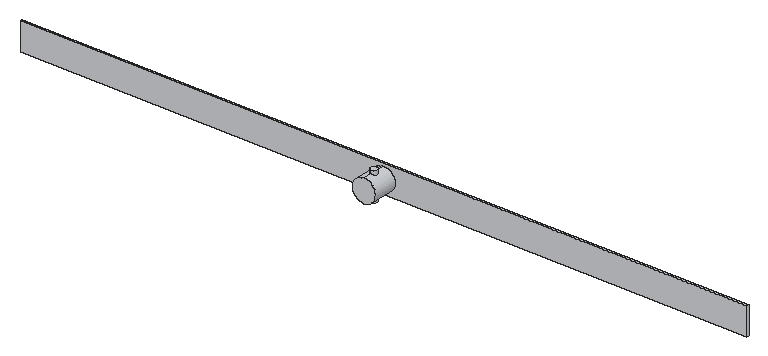
Revit family "KG_Anschlusseinheit_V1700", category Kommunikationsgeräte, Revit 2017
Family settings
  Beschriftungsausrichtung beibehalten = Nein
  Bemaßung runder Anschluss = Durchmesser verwenden
  Teiletyp = Normal
  OmniClass-Nummer = 23.85.00.00
  OmniClass-Titel = Information and Communication
  Arbeitsebenenbasiert = Nein
  Immer vertikal = Ja
  Beim Laden mit Abzugskörper schneiden = Nein
  Gemeinsam genutzt = Nein
  Raumberechnungspunkt = Nein
Parameters (values of type "ELA")
  pbr_Material_KZ = ""
  pbr_Material = none
  pbr_E_Typ = ""
  pbr_E_KZ = ""
  pbr_DINBild = 0
  pbr_Bild = 0
  pbr_3Dx_Delta_Korrekturversatz [instance] = 0 mm
  pbr_3DX_Versatzfaktor [instance] = 0
  pbr_2DY_Versatzfaktor [instance] = 0
  pbr_2DX_Versatzfaktor [instance] = 0
  lfd_STRK [instance] = 0
  cpiFitMatchKey [instance] = "E-LI-RU"
  Zentrale [instance] = ""
  Typ [instance] = ""
  Text3 [instance] = ""
  Text2 [instance] = ""
  Text1 [instance] = ""
  Taster D = 60 mm
  Planungsbüro Rohling = "www.pbr.de"
  Netzart = ""
  Menge(Dosenzahl) [instance] = 0
  Linie/Anschluss [instance] = ""
  Linie [instance] = ""
  Lastklassifizierung = none
  Installationsart [instance] = ""
  Info [instance] = ""
  Gewerk [instance] = "ELA"
  Eckversatz [instance] = 0 mm
  YFrontversatz [instance] = if(pbr_2DY_Versatzfaktor = 300, 0 mm, pbr_2DY_Versatzfaktor * 300 mm)  # 0 mm
  XSeitenversatz [instance] = if(pbr_2DX_Versatzfaktor = 0, 3000 mm, 3000 mm + (pbr_2DX_Versatzfaktor * 300 mm)) + Eckversatz  # 3000 mm
  X3DVersatz [instance] = if([3DX_Versatzkontrolle] = 0, 2000 mm, 2000 mm + ([3DX_Versatzkontrolle] * (300 mm - Breite))) + pbr_3Dx_Delta_Korrekturversatz  # 2000 mm
  R_Leerrohranschluss = 10 mm
  Niveau [instance] = 300 mm
  Dosentiefe = 70 mm  # constant formula
  Dosenradius = 65 mm / 2  # 32.5 mm
  D_Leerrohranschluss = 2 * R_Leerrohranschluss  # 20 mm
  Bus [instance] = ""
  Breite [instance] = 80 mm
  Betriebsstrom ruhe [instance] = 0
  Betriebsstrom max [instance] = 0
  Anschlusseinheit = yes
  3DX_Versatzkontrolle [instance] = if(pbr_3DX_Versatzfaktor = 0, (pbr_2DX_Versatzfaktor * -1), (((-1 * pbr_3DX_Versatzfaktor) + pbr_2DX_Versatzfaktor) * -1))  # 0
Types (2, lengths in mm): name | Gewerk | Niveau
  ELA | "ELA" | 300
  SPA | "SPA" | 1100
Reference planes
  plane 1 "Mitte (Vorne/Hinten)": y = 0
  plane 2: z = 0
  plane 3 "Mitte (Links/Rechts)": x = 0
  plane 4: x = -125
  plane 5: x = 125
  plane 6: x = 0
  plane 7: z = 340
  plane 8: z = 260
  plane 9 "SchalterVorne": y = 5
  plane 10 "3D Schaltermitte-z": x = 0
  plane 11 "3D Schaltermitte-x": z = 300
  plane 12: y = -70
  plane 13: y = -35
  plane 14: y = 12.5
  plane 15: y = -35
Forms (mm)
  Extrusion 1, solid
    sketch origin (0, 20, 0) x (0, 0, 1) y (-1, 0, 0)
      loop
        line (260, 1040) -> (260, -1040) -> (340, -1040) -> (340, 1040) -> (260, 1040)
    from 15 to 20
  Sweep 2, solid
    path origin (0, 0, 0) x (0, 0, 1) y (0, -1, 0)
      loop
        line (300, 0) -> (300, 70)
    profile origin (0, -35, 300) x (0, 0, -1) y (1, 0, 0)
      loop
        circle (0, 0) r 32.5
  Sweep 3, solid
    path origin (0, 0, 0) x (0, 0, 1) y (0, -1, 0)
      loop
        line (260, 35) -> (340, 35)
    profile origin (0, -35, 300) x (0, -1, 0) y (1, 0, 0)
      loop
        circle (0, 0) r 10
  Sweep 4, solid
    path origin (0, 0, 300) x (-1, 0, 0) y (0, -1, 0)
      loop
        line (0, -5) -> (0, -12.5)
    profile origin (0, 8.75, 300) x (-1, 0, 0) y (0, 0, 1)
      loop
        circle (0, 0) r 30
Cuts and joins
  joined: Sweep 2, Sweep 3
Lines and regions (mm)
  model lines, not visible
    curve 1: line (-125, 300, 0) -> (-125, 0, 0)
    curve 2: line (125, 0, 0) -> (125, 300, 0)
Dimensions and locks
  plane 4 to plane 5 = 250 mm
  equal spacing: plane 4, plane 6, plane 5, locked at 125 each
  plane 7 to plane 8 = 80 mm
  equal spacing: plane 7, plane 11 "3D Schaltermitte-x", plane 8
  "Niveau": plane 11 "3D Schaltermitte-x" to level
  "Dosentiefe": plane 1 "Mitte (Vorne/Hinten)" to plane 12
  plane 9 "SchalterVorne" to plane 1 "Mitte (Vorne/Hinten)" = 5 mm
  equal spacing: plane 12, plane 13, plane 1 "Mitte (Vorne/Hinten)"
  plane 9 "SchalterVorne" to plane 14 = 7.5 mm
  "YFrontversatz": plane 15 to plane 13
  "Dosenradius": radius of Sweep 2 sketch curve
  "R_Leerrohranschluss": radius of Sweep 3 sketch curve
  "Taster D": diameter of Sweep 4 sketch curve
  aligned and locked: level to plane 2
  aligned and locked: curve 1 to plane 4
  aligned and locked: plane 5 to curve 2
  aligned and locked: Extrusion 1 sketch curve to plane 8
  aligned and locked: Extrusion 1 sketch curve to plane 7
  aligned and locked: plane 1 "Mitte (Vorne/Hinten)" to Extrusion 1
  aligned and locked: Extrusion 1 to plane 9 "SchalterVorne"
  aligned and locked: plane 14 to Sweep 4 sketch curve
  aligned and locked: plane 9 "SchalterVorne" to Sweep 4 sketch curve
Automatic sketch dimensions
  Sweep 2 sketch curve to plane 11 "3D Schaltermitte-x" = 0 mm
  Sweep 2 sketch curve to plane 1 "Mitte (Vorne/Hinten)" = 0 mm
  Sweep 2 sketch curve to plane 12 = 0 mm
  Sweep 3 sketch curve to plane 8 = 0 mm
  plane 7 to Sweep 3 sketch curve = 0 mm
  Sweep 3 sketch curve to plane 13 = 0 mm
  Sweep 2 sketch curve to plane 10 "3D Schaltermitte-z" = 0 mm
  Sweep 2 sketch curve to profile plane = 0 mm
  Sweep 3 sketch curve to plane 10 "3D Schaltermitte-z" = 0 mm
  Sweep 3 sketch curve to profile plane = 0 mm
  Sweep 4 sketch curve to plane 10 "3D Schaltermitte-z" = 0 mm
  curve 1 to curve 2 = 0 mm
  plane 15 to curve 2 = 335 mm
  plane 15 to curve 2 = 35 mm
  plane 15 to curve 1 = 35 mm
  plane 5 to Extrusion 1 sketch curve = 915 mm
  Extrusion 1 sketch curve to plane 4 = 915 mm
  Sweep 4 sketch curve to plane 11 "3D Schaltermitte-x" = 0 mm
  Sweep 4 sketch curve to profile plane = 0 mm
Nested families
  nested 1: "Anschlusseinheit (SPA)" at (0, 0, 300), visible <- "Anschlusseinheit", type "Anschlusseinheit (SPA)"
Connectors
  electrical at (0, -35, 340)
    settings: on cut or joined group of Sweep 2, Sweep 3, index 3, voltage 230 V, apparent load 0 VA, apparent load phase1 0 VA, apparent load phase2 0 VA, apparent load phase3 0 VA, power factor 1, load classification "Standard", number of poles 1, system type 31, power factor state 1, is connector primary yes, connector utility no, sub classification motor no, connector description ""
  cabletrayconduit at (0, -35, 340), diameter 20, driven by "D_Leerrohranschluss"
    settings: on cut or joined group of Sweep 2, Sweep 3, index 4, connector width 300 mm, connector height 300 mm, connector angle 0.00°, system type 32, placement type 0, profile type 0, connector reference index -1, is primary connector yes, connector utility param no, connector description ""
  cabletrayconduit at (0, -35, 260), diameter 20, driven by "D_Leerrohranschluss"
    settings: on cut or joined group of Sweep 2, Sweep 3, index 5, connector width 300 mm, connector height 300 mm, connector angle 0.00°, system type 32, placement type 0, profile type 0, connector reference index -1, is primary connector no, connector utility param no, connector description ""
Definition of nested family "Anschlusseinheit (SPA)"
  Reference planes
    plane 1 "Mitte (Vorne/Hinten)": y = 0
    plane 2: z = 0
    plane 3 "Mitte (Links/Rechts)": x = 0
  Lines and regions (mm)
    Filled region 1, type "Beton", in view "Referenzebene"
      outline origin (0, 0, 0) x (1, 0, 0) y (0, 1, 0)
        loop
          circle (-48.371, 135) r 21.882
        loop
          circle (63.875, 194.623) r 21.882
        loop
          circle (63.875, 75.377) r 21.882
    detail lines, in view "Referenzebene"
      curve 1: line (-129.12, 270, 0) -> (140.88, 270, 0)
      curve 2: line (140.88, 270, 0) -> (140.88, 0, 0)
      curve 3: line (140.88, 0, 0) -> (-129.12, 0, 0)
      curve 4: line (-129.12, 0, 0) -> (-129.12, 270, 0)
